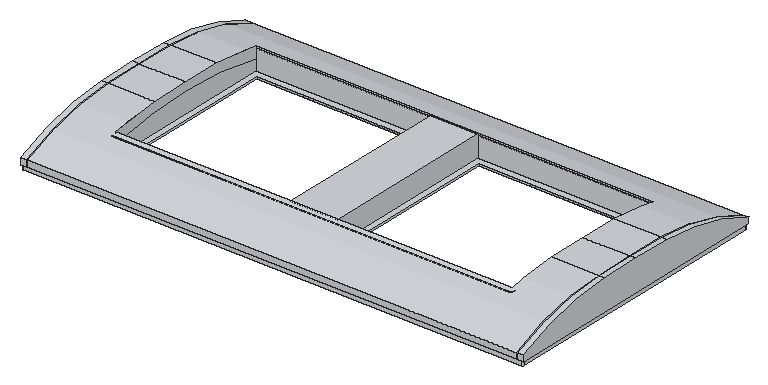
Revit family "Gira_021281", category Electrical Fixtures, host Face, Revit 2017
Family settings
  Host = Face
  Maintain Annotation Orientation = No
  Round Connector Dimension = Use Diameter
  Part Type = Normal
  Cut with Voids When Loaded = No
  Shared = No
  Room Calculation Point = No
Parameters (values of type "Abdeckrahmen 2f Zwischenr. F Alu Gira Event Anthrazit")
  Werkstoffgüte = "Thermoplast"
  Werkstoff = "Kunststoff"
  URL = "http://katalog.gira.de/de_DE/datenblatt.html?artikelnr=021281"
  Transparent = "No"
  Textfeld/Beschriftungsfläche = "No"
  Schutzart (IP) = "IP21"
  Region = "DE"
  Oberfläche = "sonstige"
  Name = "Abdeckrahmen 2f Zwischenr. F Alu Gira Event Anthrazit"
  Montagerichtung = "horizontal und vertikal"
  Mit Montagerahmen = "No"
  Mit Klappdeckel = "No"
  Manufacturer URL = "https://www.gira.de/"
  Keynote = "Event_Rahmen_2fach"
  HeinzeBIM = "https://bimportal.heinze.de/bim/abdeckrahmen-2f-zwischenr-f-alu-gira-event-anthrazit/cb81acea35296e33381067339e9f22ec922eac8d"
  Halogenfrei = "Yes"
  HAN = "021281"
  Geeignet für Unterputz-Installation = "Yes"
  Geeignet für Unterflurkanaldose = "No"
  Geeignet für Geräteeinbaukanal = "No"
  Geeignet für Einbauinstallation = "No"
  GTIN = "4010337212812"
  Farbe = "anthrazit"
  Default Elevation = 1219.2 mm
  Data sheet (1) = "https://katalog.gira.de/de_DE/download.html?artikelnr=021281"
  Category = "Abdeckrahmen"
  Befestigungsart = "Klemmbefestigung"
  Available = "Yes"
  Anzahl der Einheiten vertikal = "2 "
  Anzahl der Einheiten horizontal = "2 "
  Anzahl der Einheiten = "2 "
Reference planes
  plane 1 "Center (Front/Back)": y = 0
  plane 2: z = 0
  plane 3 "Center (Left/Right)": x = 0
Forms (mm)
  Extrusion 1, solid, detail levels fine
    sketch origin (0, 0, 0.05) x (0, 1, 0) y (0, 0, 1)
      loop
        arc (12.445, 9.683) -> (6.223, 9.833) -> (0, 9.85) r 291.636
        arc (0, 9.85) -> (-6.223, 9.833) -> (-12.445, 9.683) r 291.636
        arc (-12.445, 9.683) -> (-29.14, 7.482) -> (-45, 1.823) r 79.728
        line (-45, 1.823) -> (-45, -0.05) -> (-42.086, -0.05)
        arc (-42.086, -0.05) -> (-21.385, 5.559) -> (0, 7.206) r 114.424
        arc (0, 7.206) -> (21.385, 5.559) -> (42.086, -0.05) r 114.424
        line (42.086, -0.05) -> (45, -0.05) -> (45, 1.823)
        arc (45, 1.823) -> (29.14, 7.482) -> (12.445, 9.683) r 79.728
    from -78.55 to 78.55
  Extrusion 2, void, detail levels fine
    sketch origin (0, 0, 0) x (1, 0, 0) y (0, 1, 0)
      loop
        line (-63.55, -27.937) -> (63.55, -27.937) -> (63.55, 28.063) -> (-63.55, 28.063) -> (-63.55, -27.937)
    from 0.724 to 11
  Extrusion 3, solid, detail levels coarse
    sketch origin (0, 0, 0) x (1, 0, 0) y (0, 1, 0)
      loop
        line (-80.55, 45) -> (-80.55, -45) -> (80.55, -45) -> (80.55, 45) -> (-80.55, 45)
    from -1.5 to 9.9
  Extrusion 4, solid, detail levels medium
    sketch origin (0, 0, 0.05) x (0, 1, 0) y (0, 0, 1)
      loop
        arc (12.445, 9.683) -> (6.223, 9.833) -> (0, 9.85) r 291.636
        arc (0, 9.85) -> (-6.223, 9.833) -> (-12.445, 9.683) r 291.636
        arc (-12.445, 9.683) -> (-29.14, 7.482) -> (-45, 1.823) r 79.728
        line (-45, 1.823) -> (-45, -0.05) -> (45, -0.05) -> (45, 1.823)
        arc (45, 1.823) -> (29.14, 7.482) -> (12.445, 9.683) r 79.728
    from -80.55 to 80.55
  Extrusion 5, solid, detail levels fine
    sketch origin (-35.55, 0, -1.5) x (0, 1, 0) y (0, 0, -1)
      loop
        line (45, -3.373) -> (45, -1.5) -> (-45, -1.5) -> (-45, -3.373)
        arc (-45, -3.373) -> (-29.14, -9.032) -> (-12.445, -11.233) r 79.728
        arc (-12.445, -11.233) -> (-6.223, -11.383) -> (0, -11.4) r 291.636
        arc (0, -11.4) -> (6.223, -11.383) -> (12.445, -11.233) r 291.636
        arc (12.445, -11.233) -> (29.14, -9.032) -> (45, -3.373) r 79.728
    from 43 to 45
  Extrusion 6, solid, detail levels fine
    sketch origin (0, 0, 0) x (1, 0, 0) y (0, 1, 0)
      loop
        line (-61.45, 25.7) -> (-61.45, -25.7) -> (-9.65, -25.7) -> (-9.65, 25.7) -> (-61.45, 25.7)
      loop
        line (61.45, -25.7) -> (61.45, 25.7) -> (9.65, 25.7) -> (9.65, -25.7) -> (61.45, -25.7)
      loop
        line (-64.445, 28.49) -> (-64.445, -28.495)
        spline (-64.445, -28.495) -> (-64.436, -28.625) -> (-64.411, -28.754) -> (-64.369, -28.878) -> (-64.311, -28.995) -> (-64.238, -29.104) -> (-64.152, -29.202) -> (-64.054, -29.288) -> (-63.945, -29.361) -> (-63.828, -29.419) -> (-63.704, -29.461) -> (-63.575, -29.486) -> (-63.445, -29.495)
        line (-63.445, -29.495) -> (63.445, -29.495)
        spline (63.445, -29.495) -> (63.575, -29.486) -> (63.704, -29.461) -> (63.828, -29.419) -> (63.945, -29.361) -> (64.054, -29.288) -> (64.152, -29.202) -> (64.238, -29.104) -> (64.311, -28.995) -> (64.369, -28.878) -> (64.411, -28.754) -> (64.436, -28.625) -> (64.445, -28.495)
        line (64.445, -28.495) -> (64.445, 28.49)
        spline (64.445, 28.49) -> (64.436, 28.62) -> (64.411, 28.748) -> (64.369, 28.872) -> (64.311, 28.99) -> (64.238, 29.098) -> (64.152, 29.197) -> (64.054, 29.283) -> (63.945, 29.356) -> (63.828, 29.413) -> (63.704, 29.456) -> (63.575, 29.481) -> (63.445, 29.49)
        line (63.445, 29.49) -> (-63.445, 29.49)
        spline (-63.445, 29.49) -> (-63.575, 29.481) -> (-63.704, 29.456) -> (-63.828, 29.413) -> (-63.945, 29.356) -> (-64.054, 29.283) -> (-64.152, 29.197) -> (-64.238, 29.098) -> (-64.311, 28.99) -> (-64.369, 28.872) -> (-64.411, 28.748) -> (-64.436, 28.62) -> (-64.445, 28.49)
    from 0.1 to 7.3
  Extrusion 7, solid
    sketch origin (0, 0, 0) x (1, 0, 0) y (0, 1, 0)
      loop
        arc (-80.25, -44.2) -> (-80.104, -44.554) -> (-79.75, -44.7) r 0.5
        line (-79.75, -44.7) -> (79.75, -44.7)
        arc (79.75, -44.7) -> (80.104, -44.554) -> (80.25, -44.2) r 0.5
        line (80.25, -44.2) -> (80.25, 44.2)
        arc (80.25, 44.2) -> (80.104, 44.554) -> (79.75, 44.7) r 0.5
        line (79.75, 44.7) -> (-79.75, 44.7)
        arc (-79.75, 44.7) -> (-80.104, 44.554) -> (-80.25, 44.2) r 0.5
        line (-80.25, 44.2) -> (-80.25, -44.2)
      loop
        line (-78.55, 43) -> (-78.55, -43) -> (78.55, -43) -> (78.55, 43) -> (-78.55, 43)
    from -1.5 to 0.5
  Extrusion 8, solid, detail levels fine
    sketch origin (35.55, 0, -1.5) x (0, 1, 0) y (0, 0, 1)
      loop
        arc (45, 3.373) -> (29.14, 9.032) -> (12.445, 11.233) r 79.728
        arc (12.445, 11.233) -> (6.223, 11.383) -> (0, 11.4) r 291.636
        arc (0, 11.4) -> (-6.223, 11.383) -> (-12.445, 11.233) r 291.636
        arc (-12.445, 11.233) -> (-29.14, 9.032) -> (-45, 3.373) r 79.728
        line (-45, 3.373) -> (-45, 1.5) -> (45, 1.5) -> (45, 3.373)
    from 43 to 45
  Extrusion 9, solid, detail levels medium
    sketch origin (0, 0, 0) x (1, 0, 0) y (0, 1, 0)
      loop
        line (-80.25, -44.7) -> (80.25, -44.7) -> (80.25, 44.7) -> (-80.25, 44.7) -> (-80.25, -44.7)
    from -1.5 to 0.5
  Extrusion 10, solid, detail levels fine
    sketch origin (0, 0, 0) x (1, 0, 0) y (0, 1, 0)
      loop
        line (-7.55, 28.063) -> (-7.55, -27.937) -> (7.55, -27.937) -> (7.55, 28.063) -> (-7.55, 28.063)
    from 0.724 to 7.566
Cuts and joins
  Extrusion 2 cuts Extrusion 1
  Extrusion 2 cuts Extrusion 6
Dimensions and locks
  aligned and locked: plane 2 to host face
  aligned and locked: level to host face
